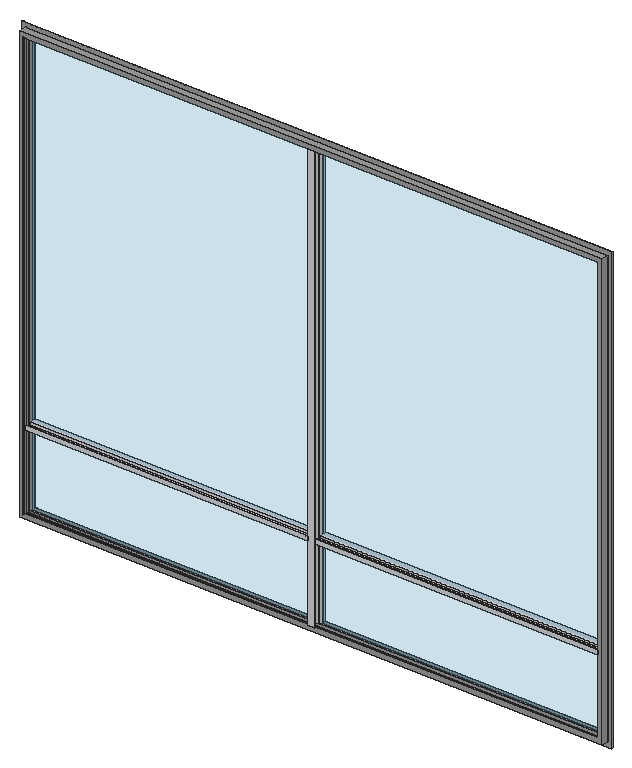
Revit family "Window_Type_E", category Windows, host Wall, Revit 2019
Family settings
  Host = Wall
  OmniClass Number = 23.30.20.00
  OmniClass Title = Windows
  Always vertical = Yes
  Cut with Voids When Loaded = No
  Shared = No
  Room Calculation Point = No
Parameters (values of type "10 81/4" x 8'-0"")
  Vent Sq. Ft. [instance] = 0
  Uo Value [instance] = 0
  SHGC [instance] = 0
  Rough Width = Width + 0' 0 1/2"  # 10' - 8 3/4"
  Rough Height = Height + 0' 0 1/2"  # 8' - 0 1/2"
  Lower Pane Height = 1' - 6"
  Light Sq. Ft. [instance] = 0
  Height = 8' - 0"
  Default Sill Height = 0' - 1"
  Wall Closure = By host
  Width = 10' - 8 1/4"
  Analytic Construction = "<None>"
Types (6): name | Rough Width | Width
  10 81/4" x 8'-0" | 10' - 8 3/4" | 10' - 8 1/4"
  5' 9" x 8'-0" | 5' - 9 1/2" | 5' - 9"
  8'-3" x 8'-0" | 8' - 1 1/2" | 8' - 1"
  7' 0" x 8'-0" | 7' - 0 3/4" | 7' - 0 1/4"
  10' 3" x 8'-0" 3 | 10' - 3 1/2" | 10' - 3"
  10' 3" x 8'-0" | 11' - 3 1/2" | 11' - 3"
Reference planes (in)
  plane 1 "Center (Front/Back)": y = 0
  plane 2: z = 0
  plane 3 "Center (Left/Right)": x = 0
  plane 4 "Left": x = -64.125
  plane 5 "Right": x = 64.125
  plane 6 "Sill": z = 1
  plane 7 "Top": z = 97
  plane 8 "Exterior": y = 3
  plane 9: x = -63.5625
  plane 10: x = 63.5625
  plane 11: z = 96.4375
  plane 12: z = 1.5625
  plane 13 "glass inner": y = 1.8125
  plane 14 "glass outer": y = 3.3125
  plane 15: y = 1.5
  plane 16: y = 0
  plane 17: x = 63.125
  plane 18: x = -63.125
  plane 19: x = -64.875
  plane 20: x = 64.875
  plane 21: z = 19
  plane 22: x = -0.3125
  plane 23: x = 0.3125
Forms (in)
  Sweep 1, solid, material "Default"
    path origin (0, 3, 0) x (-1, 0, 0) y (0, 0, 1)
      loop
        line (-64.125, 97) -> (-64.125, 1) -> (64.125, 1) -> (64.125, 97) -> (-64.125, 97)
    profile "Window- outer frame : Window- outer frame" origin (0, 3, 97) x (0, 0, 1) y (0, 1, 0)
      loop
        line (0, 0) -> (1, 0) -> (1, 0.0625) -> (0, 0.0625) -> (0, 1.25) -> (-1, 1.25) -> (-1, 1.0625) -> (-0.5, 1.0625) -> (-0.5, 0.3125) -> (-1, 0.3125) -> (-1, -0.1875) -> (-0.5, -0.1875) -> (-0.5, -1.4375) -> (-1, -1.4375) -> (-1, -1.625) -> (0, -1.625) -> (0, 0)
  Extrusion 2, solid
    sketch origin (0, 3.3125, 0) x (-1, 0, 0) y (0, 0, 1)
      loop
        line (-63.625, 96.5) -> (-63.625, 19) -> (-0.3125, 19) -> (-0.3125, 96.5) -> (-63.625, 96.5)
      loop
        line (0.3125, 96.5) -> (0.3125, 19) -> (63.625, 19) -> (63.625, 96.5) -> (0.3125, 96.5)
    from 0 to 0.75
  Sweep 3, solid
    path origin (0, 3, 0) x (-1, 0, 0) y (0, 0, 1)
      loop
        line (-63.125, 19) -> (-0.75, 19)
    profile "Window- center mullion : Window- center mullion" origin (31.9375, 3, 19) x (0, 0, 1) y (0, 1, 0)
      loop
        line (-0.5, 1.25) -> (-0.5, 1.0625) -> (0, 1.0625) -> (0, 0.3125) -> (-0.5, 0.3125) -> (-0.5, -1.625) -> (0.5, -1.625) -> (0.5, -1.4375) -> (0, -1.4375) -> (0, -0.1875) -> (0.5, -0.1875) -> (0.5, 1.25) -> (-0.5, 1.25)
  Extrusion 4, solid, material "Glass"
    sketch origin (0, 3.3125, 0) x (-1, 0, 0) y (0, 0, 1)
      loop
        line (-63.5625, 18.9375) -> (-63.5625, 1.5625) -> (-0.3125, 1.5625) -> (-0.3125, 18.9375) -> (-63.5625, 18.9375)
      loop
        line (0.3125, 18.9375) -> (0.3125, 1.5625) -> (63.5625, 1.5625) -> (63.5625, 18.9375) -> (0.3125, 18.9375)
    from 0 to 0.75
  Sweep 5, solid
    path origin (0, 3, 0) x (-1, 0, 0) y (0, 0, 1)
      loop
        line (0, 96) -> (0, 2)
    profile "Window- Center Frame Rail : Window- Center Frame Rail" origin (0, 3, 49) x (-1, 0, 0) y (0, 1, 0)
      loop
        line (0.75, 1.25) -> (-0.75, 1.25) -> (-0.75, 1.0625) -> (-0.25, 1.0625) -> (-0.25, 0.3125) -> (-0.75, 0.3125) -> (-0.75, -0.1875) -> (-0.25, -0.1875) -> (-0.25, -1.4375) -> (-0.75, -1.4375) -> (-0.75, -1.625) -> (0.75, -1.625) -> (0.75, -1.4375) -> (0.25, -1.4375) -> (0.25, -0.1875) -> (0.75, -0.1875) -> (0.75, 0.3125) -> (0.25, 0.3125) -> (0.25, 1.0625) -> (0.75, 1.0625) -> (0.75, 1.25)
  Sweep 6, solid
    path origin (0, 3, 0) x (-1, 0, 0) y (0, 0, 1)
      loop
        line (0.75, 19) -> (63.125, 19)
    profile "Window- center mullion : Window- center mullion" origin (-31.9375, 3, 19) x (0, 0, 1) y (0, 1, 0)
      loop
        line (-0.5, 1.25) -> (-0.5, 1.0625) -> (0, 1.0625) -> (0, 0.3125) -> (-0.5, 0.3125) -> (-0.5, -1.625) -> (0.5, -1.625) -> (0.5, -1.4375) -> (0, -1.4375) -> (0, -0.1875) -> (0.5, -0.1875) -> (0.5, 1.25) -> (-0.5, 1.25)
Lines and regions (in)
  Opening 1
    outline origin (-60, -3, 0) x (1, 0, 0) y (0, 0, 1)
      loop
        line (-4.125, 97) -> (-4.125, 1) -> (124.125, 1) -> (124.125, 97) -> (-4.125, 97)
  Masking region 1
    outline origin (0, 0, 1) x (0, -1, 0) y (1, 0, 0)
      loop
        line (3, -64.125) -> (3, 64.125) -> (-3, 64.125) -> (-3, 64.875) -> (-4.25, 64.875) -> (-4.25, -64.875) -> (-3, -64.875) -> (-3, -64.125) -> (3, -64.125)
  symbolic lines, style "WindowsOpeningProjection"
    curve 1: line (-63.125, 1.5625, 1) -> (-64.125, 1.5625, 1)
    curve 2: line (-63.125, 1.5625, 1) -> (-63.125, 0, 1)
    curve 3: line (-63.125, 0, 1) -> (-64.125, 0, 1)
    curve 4: line (63.125, 1.5, 1) -> (64.125, 1.5, 1)
    curve 5: line (63.125, 1.5, 1) -> (63.125, 0, 1)
    curve 6: line (63.125, 0, 1) -> (64.125, 0, 1)
    curve 7: line (63.125, 0.75, 1) -> (0.75, 0.75, 1)
    curve 12: line (-0.75, 0.75, 1) -> (-63.125, 0.75, 1)
  symbolic lines
    curve 8: line (-0.75, 1.5625, 0) -> (0.75, 1.5625, 0)
    curve 9: line (-0.75, 0, 0) -> (-0.75, 1.5625, 0)
    curve 10: line (0.75, 0, 0) -> (-0.75, 0, 0)
    curve 11: line (0.75, 1.5625, 0) -> (0.75, 0, 0)
    curve 13: line (-64.125, 3, 0) -> (64.125, 3, 0)
Text (in)
  text "EXTERIOR" at (-58.6888, 50.90694, 0), in view "Ref. Level"
  text "INTERIOR" at (-58.6888, -37.76638, 0), in view "Ref. Level"
  text "Exterior" at (0, 43.65631, 123.19604), in view "Left"
  text "Exterior" at (0, 18.29385, 125.04747), in view "Right"
Dimensions and locks (in)
  equal spacing: plane 4 "Left", plane 3 "Center (Left/Right)", plane 5 "Right"
  "Width": plane 4 "Left" to plane 5 "Right"
  "Height": plane 6 "Sill" to plane 7 "Top"
  "Default Sill Height": plane 2 to plane 6 "Sill"
  locked: plane 4 "Left" to plane 9 at 0.5625
  locked: plane 10 to plane 5 "Right" at 0.5625
  locked: plane 6 "Sill" to plane 12 at 0.5625
  locked: plane 11 to plane 7 "Top" at 0.5625
  locked: plane 8 "Exterior" to plane 13 "glass inner" at 1.1875
  locked: plane 14 "glass outer" to plane 8 "Exterior" at 0.3125
  locked: plane 8 "Exterior" to plane 15 at 1.5
  locked: plane 8 "Exterior" to plane 16 at 3
  locked: plane 4 "Left" to plane 18 at 1
  locked: plane 17 to plane 5 "Right" at 1
  locked: plane 5 "Right" to plane 20 at 0.75
  locked: plane 19 to plane 4 "Left" at 0.75
  "Lower Pane Height": plane 6 "Sill" to plane 21
  aligned and locked: plane 7 "Top" to Opening 1 sketch curve
  aligned and locked: plane 6 "Sill" to Opening 1 sketch curve  (x2)
  aligned and locked: plane 5 "Right" to Opening 1 sketch curve
  aligned and locked: plane 4 "Left" to Opening 1 sketch curve
  aligned and locked: level to plane 2
  aligned and locked: host wall to plane 8 "Exterior"
  aligned and locked: Masking region 1 sketch curve to Sweep 1
  aligned and locked: plane 10 to Extrusion 4 sketch curve
  aligned and locked: Extrusion 4 sketch curve to plane 12  (x2)
  aligned and locked: plane 9 to Extrusion 4 sketch curve
  aligned and locked: Sweep 1 to Extrusion 2 sketch curve  (x2)
  aligned and locked: Sweep 1 to curve 1
  aligned and locked: curve 10 to host wall
  aligned and locked: plane 23 to Extrusion 2 sketch curve
  aligned and locked: plane 22 to Extrusion 2 sketch curve
  aligned and locked: plane 23 to Extrusion 4 sketch curve
  aligned and locked: plane 22 to Extrusion 4 sketch curve
  aligned and locked: curve 11 to curve 7
  aligned and locked: curve 9 to curve 12
  aligned and locked: Extrusion 2 to Sweep 6
Automatic sketch dimensions
  plane 4 "Left" to Sweep 1 sketch curve = 0' - 0"
  Sweep 1 sketch curve to plane 6 "Sill" = 0' - 0"
  plane 5 "Right" to Sweep 1 sketch curve = 0' - 0"
  Sweep 1 sketch curve to plane 7 "Top" = 0' - 0"
  Masking region 1 sketch curve to plane 20 = 0' - 0"
  Masking region 1 sketch curve to plane 19 = 0' - 0"
  Masking region 1 sketch curve to host wall = 0' - 0"  (x2)
  Masking region 1 sketch curve to plane 5 "Right" = 0' - 0"
  host wall to Masking region 1 sketch curve = 0' - 0"
  Masking region 1 sketch curve to plane 4 "Left" = 0' - 0"
  Sweep 5 sketch curve to plane 12 = 0' - 0 7/16"
  plane 11 to Sweep 5 sketch curve = 0' - 0 7/16"
  Extrusion 2 sketch curve to plane 10 = 0' - 0 1/16"
  Extrusion 2 sketch curve to plane 11 = 0' - 0 1/16"
  curve 13 to host wall = 0' - 0"
  curve 13 to plane 4 "Left" = 0' - 0"
  curve 13 to plane 5 "Right" = 0' - 0"
  plane 15 to curve 8 = 0' - 0 1/16"
  Sweep 6 sketch curve to plane 21 = 0' - 0"
  Sweep 6 sketch curve to plane 18 = 0' - 0"
  plane 22 to Sweep 6 sketch curve = 0' - 0 7/16"
  Sweep 3 sketch curve to plane 17 = 0' - 0"
  Sweep 3 sketch curve to plane 21 = 0' - 0"
  plane 23 to Sweep 3 sketch curve = 0' - 0 7/16"
  Sweep 5 sketch curve to plane 3 "Center (Left/Right)" = 0' - 0"
  plane 15 to curve 5 = 0' - 0"
  curve 12 to plane 18 = 0' - 0"
  curve 7 to plane 17 = 0' - 0"
  host wall to curve 6 = 0' - 0"
  host wall to curve 2 = 0' - 0"
  curve 1 to plane 4 "Left" = 0' - 0"
  curve 3 to plane 4 "Left" = 0' - 0"
  curve 6 to plane 5 "Right" = 0' - 0"
  curve 4 to plane 5 "Right" = 0' - 0"
  curve 12 to host wall = 0' - 0 3/4"
  curve 7 to host wall = 0' - 0 3/4"
  plane 22 to curve 12 = 0' - 0 7/16"
  plane 23 to curve 7 = 0' - 0 7/16"
  Extrusion 2 sketch curve to plane 21 = 0' - 0"  (x2)
  Extrusion 4 sketch curve to plane 21 = 0' - 0 1/16"  (x2)
